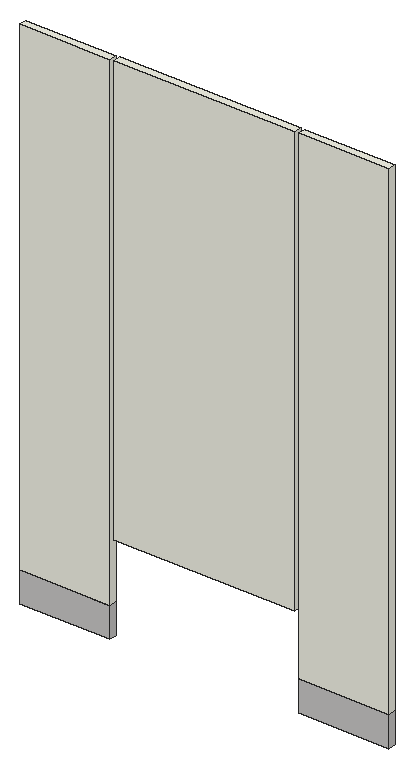
Revit family
Parameters (values of type "B-1081")
  URL = "http://www.bobrick.com"
  Partition Material = Laminated Plastic - Bobrick - Designer White
  Panel Value = if(DoorPanel Width < 1", 1", if(DoorPanel Width > 84", 84", DoorPanel Width))  # 24"
  Model = "B1081 DuraLineSeries Floor-Anchored"
  Manufacturer = "Bobrick Washroom Equipment, Inc."
  Inswing Value = if(DoorPanel Width < 22", 22", if(DoorPanel Width > 37", 37", DoorPanel Width))  # 24"
  DoorPanel Width = 24"
  Right Stile Width = 12"
  Right Stile Visible = yes
  Right Stile Value = if(Right Stile Width < 3", 3", if(Right Stile Width > 24", 24", Right Stile Width))  # 12"
  Panel = not(Door Panel)  # no
  Outswing Value = if(DoorPanel Width < 25", 25", if(DoorPanel Width > 37", 37", DoorPanel Width))  # 25"
  Outswing = and(not(Inswing Visibility), Door Panel)  # no
  Left Stile Width = 12"
  Left Stile Visible = yes
  Left Stile Value = if(Left Stile Width < 3", 3", if(Left Stile Width > 24", 24", Left Stile Width))  # 12"
  Inswing Visibility = and(Inswing, Door Panel)  # yes
  Inswing = yes
  Width Value = if(Inswing Visibility, Inswing Value, if(Outswing, Outswing Value, if(Panel, Panel Value, 36")))  # 24"
  Door Panel = yes
  Description = "Water and Fire Resistant Solid Phenolic Partitions and Screens"
  Assembly Code = "C1030200"
  ADA Compliant = yes
Reference planes (in)
  plane 1 "Center (Front/Back)": y = 0
  plane 2: z = 0
  plane 3 "Center (Left/Right)": x = 0
  plane 4: x = -24.5
  plane 5: x = 24.5
  plane 6: y = 0.5
  plane 7: y = -0.5
  plane 8: x = -12.5
  plane 9: x = 12.5
  plane 10: x = -12
  plane 11: x = 12
  plane 12: z = 4
  plane 13: z = 12
  plane 14: z = 69
  plane 15: z = 40.5
  plane 16: y = 24.5
  plane 17: x = 11
Forms (in)
  Extrusion 1, solid, material "Laminated Plastic - Bobrick - Designer White" <- "Partition Material", visible <- "Left Stile Visible"
    sketch origin (0, 0, 0) x (1, 0, 0) y (0, 1, 0)
      loop
        line (-24.5, 0.5) -> (-24.5, -0.5) -> (-12.5, -0.5) -> (-12.5, 0.5) -> (-24.5, 0.5)
    from 4 to 69
  Extrusion 2, solid, material "Stainless Steel - Bobrick - Satin", visible <- "Left Stile Visible"
    sketch origin (0, 0, 0) x (1, 0, 0) y (0, 1, 0)
      loop
        line (-24.5, 0.5) -> (-24.5, -0.5) -> (-12.5, -0.5) -> (-12.5, 0.5) -> (-24.5, 0.5)
    from 0 to 4
  Extrusion 3, solid, material "Laminated Plastic - Bobrick - Designer White" <- "Partition Material"
    sketch origin (0, 0, 0) x (1, 0, 0) y (0, 1, 0)
      loop
        line (-12, 0.5) -> (-12, -0.5) -> (12, -0.5) -> (12, 0.5) -> (-12, 0.5)
    from 12 to 69
  Extrusion 4, solid, material "Laminated Plastic - Bobrick - Designer White" <- "Partition Material", visible <- "Right Stile Visible"
    sketch origin (0, 0, 0) x (-1, 0, 0) y (0, -1, 0)
      loop
        line (-24.5, -0.5) -> (-12.5, -0.5) -> (-12.5, 0.5) -> (-24.5, 0.5) -> (-24.5, -0.5)
    from 4 to 69
  Extrusion 5, solid, material "Stainless Steel - Bobrick - Satin", visible <- "Right Stile Visible"
    sketch origin (0, 0, 0) x (-1, 0, 0) y (0, -1, 0)
      loop
        line (-24.5, -0.5) -> (-12.5, -0.5) -> (-12.5, 0.5) -> (-24.5, 0.5) -> (-24.5, -0.5)
    from 0 to 4
Lines and regions (in)
  Masking region 1, visible <- "Left Stile Visible"
    outline origin (0, 0, 0) x (1, 0, 0) y (0, 0, 1)
      loop
        line (-24.5, 69) -> (-24.5, 0) -> (-12.5, 0) -> (-12.5, 69) -> (-24.5, 69)
  Masking region 2
    outline origin (0, 0, 0) x (1, 0, 0) y (0, 0, 1)
      loop
        line (-12, 69) -> (-12, 12) -> (12, 12) -> (12, 69) -> (-12, 69)
  Masking region 3, visible <- "Right Stile Visible"
    outline origin (0, 0, 0) x (1, 0, 0) y (0, 0, 1)
      loop
        line (12.5, 69) -> (12.5, 0) -> (24.5, 0) -> (24.5, 69) -> (12.5, 69)
  Masking region 4, visible <- "Door Panel"
    outline origin (0, 0, 0) x (1, 0, 0) y (0, 1, 0)
      loop
        line (11, 24.5) -> (11, 0.5) -> (12, 0.5) -> (12, 24.5) -> (11, 24.5)
  Masking region 5, visible <- "Left Stile Visible"
    outline origin (0, 0, 0) x (1, 0, 0) y (0, 1, 0)
      loop
        line (-24.5, 0.5) -> (-24.5, -0.5) -> (-12.5, -0.5) -> (-12.5, 0.5) -> (-24.5, 0.5)
  Masking region 6, visible <- "Right Stile Visible"
    outline origin (0, 0, 0) x (1, 0, 0) y (0, 1, 0)
      loop
        line (12.5, 0.5) -> (12.5, -0.5) -> (24.5, -0.5) -> (24.5, 0.5) -> (12.5, 0.5)
  Masking region 7, visible <- "Panel"
    outline origin (0, 0, 0) x (1, 0, 0) y (0, 1, 0)
      loop
        line (-12, -0.5) -> (12, -0.5) -> (12, 0.5) -> (-12, 0.5) -> (-12, -0.5)
  Masking region 8
    outline origin (0, 0, 0) x (0, 1, 0) y (0, 0, 1)
      loop
        line (0.5, 69) -> (-0.5, 69) -> (-0.5, 0) -> (0.5, 0) -> (0.5, 69)
  symbolic lines, visible <- "Left Stile Visible"
    curve 1: line (-24.5, 0, 4) -> (-12.5, 0, 4)
  symbolic lines, visible <- "Right Stile Visible"
    curve 2: line (12.5, 0, 4) -> (24.5, 0, 4)
  symbolic lines, style "Partition Elevation Swing", visible <- "Door Panel"
    curve 3: line (-12, 0, 69) -> (12, 0, 40.39791)
    curve 4: line (12, 0, 40.39791) -> (-12, 0, 12)
    curve 5: arc (-12, 0.5, 0) -> (-4.97056, 17.47056, 0) -> (12, 24.5, 0) r 24
  symbolic lines, style "Partition"
    curve 6: line (0, 0.5, 4) -> (0, -0.5, 4)
Dimensions and locks (in)
  equal spacing: host sketch curve, plane 1 "Center (Front/Back)", host sketch curve
  equal spacing: host sketch curve, plane 3 "Center (Left/Right)", host sketch curve
  host sketch curve to host sketch curve = 120"  (x2)
  locked: plane 8 to plane 10 at 0.5
  locked: plane 11 to plane 9 at 0.5
  "Width Value": plane 10 to plane 11
  equal spacing: plane 10, plane 3 "Center (Left/Right)", plane 11
  "Left Stile Value": plane 4 to plane 8
  "Right Stile Value": plane 9 to plane 5
  locked: plane 12 to level at 4
  locked: plane 13 to level at 12
  locked: plane 14 to level at 69
  locked: plane 6 to plane 7 at 1
  equal spacing: plane 6, plane 1 "Center (Front/Back)", plane 7
  equal spacing: plane 14, plane 15, plane 13
  "Width Value": plane 16 to plane 6
  locked: plane 17 to plane 11 at 1
  aligned and locked: level to plane 2
  aligned and locked: Extrusion 1 sketch curve to plane 6
  aligned and locked: plane 4 to Extrusion 1 sketch curve
  aligned and locked: plane 7 to Extrusion 1 sketch curve
  aligned and locked: Extrusion 1 sketch curve to plane 8
  aligned: Extrusion 1 to level
  aligned and locked: plane 14 to Extrusion 1
  aligned and locked: Extrusion 1 to plane 12
  aligned and locked: plane 4 to Extrusion 2 sketch curve
  aligned and locked: Extrusion 2 sketch curve to plane 6
  aligned and locked: Extrusion 2 sketch curve to plane 8
  aligned and locked: plane 7 to Extrusion 2 sketch curve
  aligned and locked: plane 12 to Extrusion 2
  aligned and locked: Extrusion 2 to level
  aligned and locked: plane 10 to Extrusion 3 sketch curve
  aligned and locked: Extrusion 3 sketch curve to plane 6
  aligned and locked: plane 7 to Extrusion 3 sketch curve
  aligned and locked: Extrusion 3 sketch curve to plane 11
  aligned and locked: plane 14 to Extrusion 3
  aligned and locked: Extrusion 3 to plane 13
  aligned and locked: Extrusion 5 sketch curve to plane 9
  aligned and locked: plane 6 to Extrusion 5 sketch curve
  aligned and locked: plane 5 to Extrusion 5 sketch curve
  aligned and locked: Extrusion 5 sketch curve to plane 7
  aligned and locked: Extrusion 4 sketch curve to plane 9
  aligned and locked: plane 6 to Extrusion 4 sketch curve
  aligned and locked: Extrusion 4 sketch curve to plane 7
  aligned and locked: plane 5 to Extrusion 4 sketch curve
  aligned and locked: plane 14 to Extrusion 4
  aligned and locked: Masking region 1 sketch curve to plane 14
  aligned and locked: Masking region 1 sketch curve to plane 4
  aligned and locked: Masking region 1 sketch curve to level
  aligned and locked: Masking region 1 sketch curve to plane 8
  aligned and locked: Masking region 2 sketch curve to plane 14
  aligned and locked: Masking region 2 sketch curve to plane 10
  aligned and locked: Masking region 2 sketch curve to plane 11
  aligned and locked: Masking region 2 sketch curve to plane 13
  aligned and locked: Masking region 3 sketch curve to plane 14
  aligned and locked: Masking region 3 sketch curve to plane 9
  aligned and locked: Masking region 3 sketch curve to plane 5
  aligned and locked: Masking region 3 sketch curve to level
  aligned and locked: curve 1 to plane 12
  aligned and locked: plane 4 to curve 1
  aligned and locked: plane 8 to curve 1
  aligned and locked: curve 2 to plane 12
  aligned and locked: plane 5 to curve 2
  aligned and locked: plane 9 to curve 2
  aligned and locked: plane 14 to curve 3
  aligned and locked: plane 10 to curve 3
  aligned and locked: plane 11 to curve 4
  aligned and locked: plane 10 to curve 4
  aligned and locked: plane 13 to curve 4
  aligned and locked: Masking region 4 sketch curve to plane 16
  aligned and locked: plane 17 to Masking region 4 sketch curve
  aligned and locked: plane 6 to Masking region 4 sketch curve
  aligned and locked: Masking region 4 sketch curve to plane 11
  aligned and locked: Masking region 5 sketch curve to plane 6
  aligned and locked: plane 4 to Masking region 5 sketch curve
  aligned and locked: plane 7 to Masking region 5 sketch curve
  aligned and locked: Masking region 5 sketch curve to plane 8
  aligned and locked: Masking region 6 sketch curve to plane 6
  aligned and locked: plane 9 to Masking region 6 sketch curve
  aligned and locked: plane 7 to Masking region 6 sketch curve
  aligned and locked: Masking region 6 sketch curve to plane 5
  aligned and locked: Masking region 4 to curve 5
  aligned and locked: plane 10 to curve 5
  aligned and locked: plane 6 to curve 5  (x2)
  aligned and locked: plane 11 to curve 5
  aligned and locked: Masking region 7 sketch curve to plane 7
  aligned and locked: Masking region 7 sketch curve to plane 10
  aligned and locked: plane 6 to Masking region 7 sketch curve
  aligned and locked: plane 11 to Masking region 7 sketch curve
  aligned and locked: level to Masking region 8 sketch curve
  aligned and locked: Masking region 8 sketch curve to plane 14
  aligned and locked: Masking region 8 sketch curve to plane 6
  aligned and locked: plane 7 to Masking region 8 sketch curve
  aligned and locked: plane 12 to curve 6
  aligned and locked: plane 7 to curve 6
  aligned and locked: plane 6 to curve 6
  aligned and locked: Extrusion 5 to level
  aligned and locked: Extrusion 4 to plane 12
  aligned and locked: plane 12 to Extrusion 5
Automatic sketch dimensions
  curve 4 to plane 15 = 0.10209"
